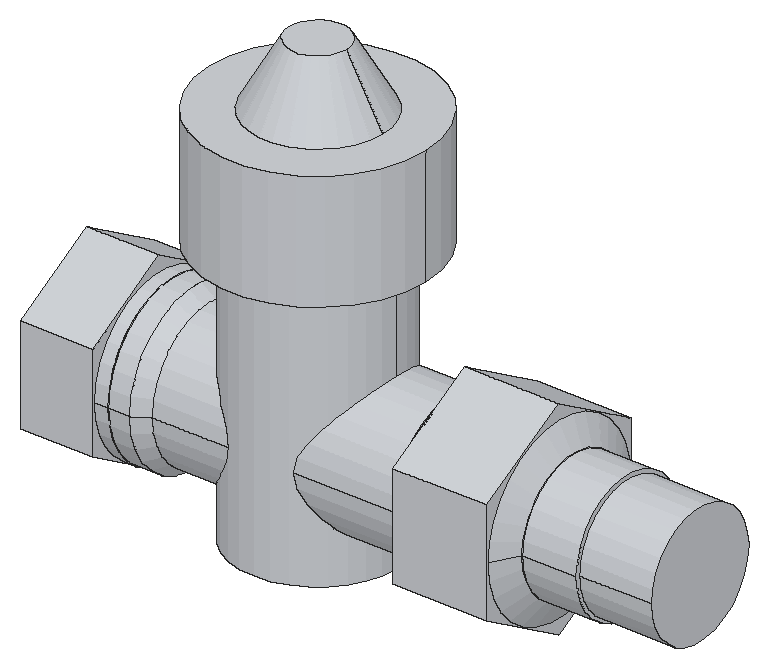
Revit family "Vario-DP_přímý_DN010_RFA_2019", category Pipe Accessories, Revit 2019
Family settings
  Round Connector Dimension = Use Diameter
  Part Type = Valve - Breaks Into
  Work Plane-Based = No
  Always vertical = Yes
  Cut with Voids When Loaded = No
  Shared = No
Parameters (values of type "Vario-DP přímý DN10")
  magiProductId = "cff3df26e6cf48da84c7a4aeae022f"
  magiProductFamilyId = "9a3b6d3dc30f4d82b1fd8b50564aa5"
  magiPartTypeId = 303
  ang2D [instance] = 0.00°
  Z1 = 4 mm
  W2D = 10 mm
  VersionID = "2.0/2021.2.17.1/FRESE_RADCON_RAD_LO_SHI_S_201"
  VIS0 = no
  Use Minimum Symbol Size [instance] = no
  URL = "www.hydronix.cz"
  Type Comments = "Termostatický radiátorový ventil s integrovaným omezovačem průtoku; přímý; závitový, PN10; +0~+90°C; pracovní dp 15-70kPa; max. síla pohonu 120N; připojení hlavice: M30x1,5"
  TL__ve = -TL  # -10.1 mm
  TL = 10.1 mm
  SW_2 = no
  SW_1 = yes
  SW2_LLDONLY = and(SW2, LLDONLY)  # no
  SW2_LLDAndHLD = and(SW2, LLDAndHLD)  # no
  SW2_ENBL350 = and(SW2, ENBL350)  # no
  SW22 = no
  SW2 = no
  SW1_LLDONLY = and(SW1, LLDONLY)  # yes
  SW1_ENBL350 = and(SW1, ENBL350)  # no
  SW11 = no
  SW1 = yes
  SW = yes
  RT_1 = 11.35 mm
  RT_01 = 7.5 mm
  RT_0 = 9 mm
  RTX = 1.35 mm
  RT4 = 8.85 mm
  RT22 = 14.35 mm
  RT2 = 11 mm
  RT1 = 13.35 mm
  RT0X = 8.5 mm
  RT02 = 12.35 mm
  RT01 = 9 mm
  RT00 = 6 mm
  RT0 = 10 mm
  RT = 8.35 mm
  RR = 5 mm
  QmdConnectorList = "301;D;302;D"
  Productdata [instance] = ""
  Manufacturer = "Hydronix"
  MC Use Limits From Balancing Method = no
  MC Throttling Minimum Value = 0
  MC Throttling Maximum Value = 0
  MC Product Code = "VARIO-DP; přímý DN10; (obj.č.: 161010100); dpmin=15kPa; dpmax: 70kPa;; rozsah nastavení 20-340l/h"
  MC Pressure Drop Minimum Value = 0.0 Pa
  MC Pressure Drop Maximum Value = 0.0 Pa
  MC Enable LOD 350 = no
  MC Enable LOD 200 = no
  L_2 = 37.5 mm
  L_ = 75 mm
  LT = 85 mm
  LP = 7.5 mm
  LLDONLY = not(BBVIS)  # yes
  LLDAndHLD = and(or(LLDONLY, MC Enable LOD 350), not(BBVIS))  # yes
  L2D_Min = 30.48 mm
  L2D = 75 mm
  L22__ve = -L22  # -13 mm
  L22 = 13 mm
  L2 = 10 mm
  L1__ve = -L1  # -7.5 mm
  L1 = 7.5 mm
  L = 75 mm
  HS = 16.25 mm
  H = 23 mm
  ENBL350 = and(MC Enable LOD 350, not(BBVIS))  # no
  Description = "Termostatický radiátorový ventil s omezovačem max. průtoku; DN10; rozsah nastavení omezovače max. průtok: 20-340l/h"
  DT = 16.7 mm
  DS3 = 4 mm
  DS2 = 9 mm
  DS1 = 15 mm
  D = 10 mm
  CenSd_RT22_6 = RT22 * cos(30.00°)  # 12.427 mm
  CenSd_RT1_6 = RT1 * cos(30.00°)  # 11.561 mm
  CenSd_RT0X_6 = RT0X * cos(30.00°)  # 7.361 mm
  CAT0 = yes
  CAT = no
  C = 32 mm
  BZ = 48 mm
  BY = 16 mm
  BBVIS = MC Enable LOD 200  # no
Types (3, lengths in mm): name | magiProductId | Z1 | W2D | TL__ve | TL | RT_1 | RTX | RT4 | RT22 | RT1 | RT02 | RT | MC Product Code | L_2 | L_ | LT | LP | L2D | L | Description | DT | D | CenSd_RT22_6 | CenSd_RT1_6 | C | BY
  Vario-DP přímý DN10 | "cff3df26e6cf48da84c7a4aeae022f" | 4 | 10 | -10.1 | 10.1 | 11.35 | 1.35 | 8.85 | 14.35 | 13.35 | 12.35 | 8.35 | "VARIO-DP; přímý DN10; (obj.č.: 161010100); dpmin=15kPa; dpmax: 70kPa;; rozsah nastavení 20-340l/h" | 37.5 | 75 | 85 | 7.5 | 75 | 75 | "Termostatický radiátorový ventil s omezovačem max. průtoku; DN10; rozsah nastavení omezovače max. průtok: 20-340l/h" | 16.7 | 10 | 12.427 | 11.561 | 32 | 16
  Vario-DP přímý DN20 | "65e4e24176f04ec8add0c08a0806a3" | 7 | 20 | -14.5 | 14.5 | 16.2 | 6.2 | 13.7 | 19.2 | 18.2 | 15.7 | 13.2 | "VARIO-DP; přímý DN20; (obj.č.: 161030100); dpmin=15kPa; dpmax: 70kPa;; rozsah nastavení 20-340l/h" | 45.75 | 91.5 | 106 | 9.15 | 91.5 | 91.5 | "Termostatický radiátorový ventil s omezovačem max. průtoku; DN20; rozsah nastavení omezovače max. průtok: 20-340l/h" | 26.4 | 20 | 16.628 | 15.762 | 40 | 19.2
  Vario-DP přímý DN15 | "86c7649ae082497d8c558b15a6d69e" | 5 | 15 | -13.2 | 13.2 | 13.5 | 3.5 | 11 | 16.5 | 15.5 | 14.5 | 10.5 | "VARIO-DP; přímý DN15; (obj.č.: 161020100); dpmin=15kPa; dpmax: 70kPa;; rozsah nastavení 20-340l/h" | 40.9 | 81.8 | 95 | 8.18 | 81.8 | 81.8 | "Termostatický radiátorový ventil s omezovačem max. průtoku; DN15; rozsah nastavení omezovače max. průtok: 20-340l/h" | 21 | 15 | 14.289 | 13.423 | 36 | 16
Reference planes
  plane 1 "Center (Front/Back)": y = 0
  plane 2 "XYPLANE": z = 0
  plane 3 "Center (Left/Right)": x = 0
  plane 4 "196": z = -14
  plane 5 "195": z = -10
  plane 6 "194": x = -16.5
  plane 7 "193": x = -10.5
  plane 8 "186": x = -25.5
  plane 9 "179": y = 11.35
  plane 10 "178": y = 10
  plane 11 "177": x = -20.5
  plane 12 "176": x = -22.5
  plane 13 "175": x = -27.5
  plane 14 "173": x = 0
  plane 15 "172": x = -37.5
  plane 16 "170": z = 18
  plane 17 "152": z = 48
  plane 18 "139": z = 2
  plane 19 "129": z = 13
  plane 20 "116": z = 39.25
  plane 21 "73": y = -16
  plane 22 "72": y = 16
  plane 23 "68": z = 48
  plane 24 "54": z = 20
  plane 25 "41": z = 23
  plane 26 "36": x = 37.5
  plane 27 "34": x = 12.9
  plane 28 "33": x = 14.9
  plane 29 "24": x = 27.9
  plane 30 "23": x = 29.9
  plane 31 "9": x = 37.4
  plane 32 "8": x = 47.5
  plane 33 "7": z = -14.35
  plane 34 "3": y = 0
  plane 35 "2": x = -5.5
  plane 36 "1": z = 0
Forms (mm)
  Blend 1, solid, visible <- "LLDAndHLD"
    base sketch origin (-20.5, -750, 0) x (0, 1, 0) y (0, 0, 1)
      loop
        circle (750, 0) r 10
    top sketch origin (-20.5, -750, 0) x (0, 1, 0) y (0, 0, 1)
      loop
        circle (750, 0) r 10
    from 0 to 33.4
  Extrusion 2, solid, visible <- "ENBL350"
    sketch origin (-750, 0, -14) x (1, 0, 0) y (0, 1, 0)
      loop
        circle (744.5, 0) r 5
    from 0 to 4 <- "Z1"
  Revolve 3, solid, visible <- "ENBL350"
    sketch origin (-10.5, 0, 0) x (0, 0, 1) y (1, 0, 0)
      loop
        line (0, 0) -> (-14, 0)
        arc (-14, 0) -> (-8.97, -7.596) -> (0, -6) r 8.3
        line (0, -6) -> (0, 0)
      axis (-14, 5) -> (0, 5)
    angle from 0 to -360
  Blend 4, solid, visible <- "LLDAndHLD"
    base sketch origin (-27.5, -750, 0) x (0, 1, 0) y (0, 0, 1)
      loop
        circle (750, 0) r 11.35
    top sketch origin (-27.5, -750, 0) x (0, 1, 0) y (0, 0, 1)
      loop
        circle (750, 0) r 11.35
    from 0 to 2
  Blend 5, solid, visible <- "SW2_ENBL350"
    base sketch origin (-750, 0, 20) x (1, 0, 0) y (0, 1, 0)
      loop
        circle (744.5, 0) r 7.5
    top sketch origin (-750, 0, 20) x (1, 0, 0) y (0, 1, 0)
      loop
        circle (744.5, 0) r 10
    from 0 to -2
  Blend 6, solid, visible <- "SW1_ENBL350"
    base sketch origin (-750, 0, 23) x (1, 0, 0) y (0, 1, 0)
      loop
        circle (744.5, 0) r 11
    top sketch origin (-750, 0, 23) x (1, 0, 0) y (0, 1, 0)
      loop
        circle (744.5, 0) r 11
    from 0 to -23
  Revolve 7, solid, visible <- "LLDAndHLD"
    sketch origin (-25.5, 10, 0) x (1, 0, 0) y (0, 1, 0)
      loop
        line (0, 0) -> (5, 0) -> (3, 1.35) -> (0, 1.35) -> (0, 0)
      axis (5, -10) -> (0, -10)
    angle from 0 to -360
  Blend 8, solid, visible <- "SW2_LLDONLY"
    base sketch origin (-750, 0, -14) x (1, 0, 0) y (0, 1, 0)
      loop
        circle (744.5, 0) r 10
    top sketch origin (-750, 0, -14) x (1, 0, 0) y (0, 1, 0)
      loop
        circle (744.5, 0) r 10
    from 0 to 34
  Blend 9, solid, visible <- "SW2_ENBL350"
    base sketch origin (-750, 0, 13) x (1, 0, 0) y (0, 1, 0)
      loop
        circle (744.5, 0) r 9
    top sketch origin (-750, 0, 13) x (1, 0, 0) y (0, 1, 0)
      loop
        circle (744.5, 0) r 9
    from 0 to -11
  Extrusion 10, solid, visible <- "SW2_ENBL350"
    sketch origin (-750, 0, 18) x (1, 0, 0) y (0, 1, 0)
      loop
        circle (744.5, 0) r 10
    from 0 to -5
  Extrusion 11, solid, visible <- "SW2_LLDAndHLD"
    sketch origin (-750, 0, 23) x (1, 0, 0) y (0, 1, 0)
      loop
        line (753, 0) -> (748.75, 7.361) -> (740.25, 7.361) -> (736, 0) -> (740.25, -7.361) -> (748.75, -7.361) -> (753, 0)
    from 0 to -3
  Blend 12, solid, visible <- "SW1_LLDONLY"
    base sketch origin (-750, 0, -14) x (1, 0, 0) y (0, 1, 0)
      loop
        circle (744.5, 0) r 11
    top sketch origin (-750, 0, -14) x (1, 0, 0) y (0, 1, 0)
      loop
        circle (744.5, 0) r 11
    from 0 to 37
  Blend 13, solid, visible <- "SW1_LLDONLY"
    base sketch origin (-750, 0, 48) x (1, 0, 0) y (0, 1, 0)
      loop
        circle (744.5, 0) r 4
    top sketch origin (-750, 0, 48) x (1, 0, 0) y (0, 1, 0)
      loop
        circle (744.5, 0) r 9
    from 0 to -8.75
  Blend 14, solid, visible <- "BBVIS"
    base sketch origin (-750, 0, 48) x (1, 0, 0) y (0, 1, 0)
      loop
        line (712.5, -16) -> (797.5, -16) -> (797.5, 16) -> (712.5, 16) -> (712.5, -16)
    top sketch origin (-750, 0, 48) x (1, 0, 0) y (0, 1, 0)
      loop
        line (712.5, -16) -> (797.5, -16) -> (797.5, 16) -> (712.5, 16) -> (712.5, -16)
    from 0 to -62.35
  Extrusion 15, solid, visible <- "SW1_LLDONLY"
    sketch origin (-750, 0, 23) x (1, 0, 0) y (0, 1, 0)
      loop
        circle (744.5, 0) r 15
    from 0 to 16.25 <- "HS"
  Extrusion 16, solid, visible <- "LLDAndHLD"
    sketch origin (47.5, -750, 0) x (0, 1, 0) y (0, 0, 1)
      loop
        circle (750, 0) r 8.35
    from 0 to -10.1 <- "TL__ve"
  Blend 17, solid, visible <- "LLDAndHLD"
    base sketch origin (14.9, -750, 0) x (0, 1, 0) y (0, 0, 1)
      loop
        circle (750, 0) r 12.35
    top sketch origin (14.9, -750, 0) x (0, 1, 0) y (0, 0, 1)
      loop
        circle (750, 0) r 10
    from 0 to -2
  Extrusion 18, solid, visible <- "LLDAndHLD"
    sketch origin (27.9, -750, 0) x (0, 1, 0) y (0, 0, 1)
      loop
        line (750, 14.35) -> (737.573, 7.175) -> (737.573, -7.175) -> (750, -14.35) -> (762.427, -7.175) -> (762.427, 7.175) -> (750, 14.35)
    from 0 to -13 <- "L22__ve"
  Blend 19, solid, visible <- "LLDAndHLD"
    base sketch origin (29.9, -750, 0) x (0, 1, 0) y (0, 0, 1)
      loop
        circle (750, 0) r 8.85
    top sketch origin (29.9, -750, 0) x (0, 1, 0) y (0, 0, 1)
      loop
        circle (750, 0) r 12.35
    from 0 to -2
  Extrusion 20, solid, visible <- "LLDAndHLD"
    sketch origin (37.4, -750, 0) x (0, 1, 0) y (0, 0, 1)
      loop
        circle (750, 0) r 8.85
    from 0 to -7.5 <- "L1__ve"
  Extrusion 21, solid, visible <- "LLDAndHLD"
    sketch origin (-37.5, -750, 0) x (0, 1, 0) y (0, 0, 1)
      loop
        line (750, -13.35) -> (761.561, -6.675) -> (761.561, 6.675) -> (750, 13.35) -> (738.439, 6.675) -> (738.439, -6.675) -> (750, -13.35)
    from 0 to 10 <- "L2"
  Extrusion 22, solid, not visible
    sketch origin (-37.5, -750, 0) x (0, 1, 0) y (0, 0, 1)
      loop
        circle (750, 0) r 10
    from 0 to 10
  Extrusion 23, solid, not visible
    sketch origin (37.5, -750, 0) x (0, 1, 0) y (0, 0, 1)
      loop
        circle (750, 0) r 10
    from 0 to -10
Lines and regions (mm)
  reference lines, not visible
    curve 1: circle (2, 2, 0) r 1 normal (0, 0, 1)
  reference lines
    curve 2: line (-16.5, 0, 0) -> (-10.5, 0, -14)
    curve 3: line (-5.5, 0, 23) -> (-7.625, 3.681, 23)
    curve 4: line (-5.5, 0, 23) -> (-9.75, 0, 23)
    curve 5: line (-5.5, 0, 23) -> (-7.625, -3.681, 23)
    curve 6: line (27.9, 0, 0) -> (27.9, 6.214, -3.588)
    curve 7: line (27.9, 0, 0) -> (27.9, 0, -7.175)
    curve 8: line (27.9, 0, 0) -> (27.9, -6.214, -3.588)
    curve 9: line (-37.5, 0, 0) -> (-37.5, 5.781, 3.338)
    curve 10: line (-37.5, 0, 0) -> (-37.5, 0, 6.675)
    curve 11: line (-37.5, 0, 0) -> (-37.5, -5.781, 3.338)
Dimensions and locks
  plane 1 "Center (Front/Back)" to curve 1 = 2 mm
  "Z1": plane 5 "195" to plane 4 "196"
  "RT0": plane 36 "1" to plane 5 "195"
  "RT00": plane 7 "193" to plane 6 "194"
  locked: plane 35 "2" to plane 7 "193" at 5
  locked: plane 13 "175" to plane 8 "186" at 2
  "RTX": plane 10 "178" to plane 9 "179"
  "RT0": plane 34 "3" to plane 10 "178"
  locked: plane 12 "176" to plane 11 "177" at 2
  locked: plane 8 "186" to plane 12 "176" at 3
  "L2": plane 15 "172" to plane 13 "175"
  locked: plane 3 "Center (Left/Right)" to plane 14 "173"
  "L_2": plane 14 "173" to plane 15 "172"
  locked: plane 24 "54" to plane 16 "170" at 2
  "BZ": plane 36 "1" to plane 17 "152"
  locked: plane 36 "1" to plane 18 "139" at 2
  locked: plane 16 "170" to plane 19 "129" at 5
  locked: plane 23 "68" to plane 20 "116" at 8.75
  "BY": plane 34 "3" to plane 21 "73"
  "BY": plane 34 "3" to plane 22 "72"
  locked: plane 25 "41" to plane 23 "68" at 25
  locked: plane 25 "41" to plane 24 "54" at 3
  "H": plane 36 "1" to plane 25 "41"
  "L_": plane 15 "172" to plane 26 "36"
  locked: plane 28 "33" to plane 27 "34" at 2
  "L22": plane 29 "24" to plane 28 "33"
  locked: plane 30 "23" to plane 29 "24" at 2
  "L1": plane 31 "9" to plane 30 "23"
  "TL": plane 32 "8" to plane 31 "9"
  "LT": plane 15 "172" to plane 32 "8"
  "RT22": plane 36 "1" to plane 33 "7"
  locked: plane 1 "Center (Front/Back)" to plane 34 "3"
  "C": plane 15 "172" to plane 35 "2"
  locked: plane 2 "XYPLANE" to plane 36 "1"
  "RR": curve 2 to Revolve 3 sketch curve
  Revolve 3 sketch curve to Revolve 3 sketch curve = 0 mm  (x6)
  Revolve 7 sketch curve to Revolve 7 sketch curve = 0 mm  (x8)
  "CenSd_RT0X_6": curve 3 to Extrusion 11 sketch curve  (x2)
  "CenSd_RT0X_6": curve 4 to Extrusion 11 sketch curve  (x2)
  "CenSd_RT0X_6": curve 5 to Extrusion 11 sketch curve  (x2)
  Extrusion 11 sketch curve to Extrusion 11 sketch curve = 0 mm  (x12)
  Blend 14 sketch curve to Blend 14 sketch curve = 0 mm  (x16)
  "CenSd_RT22_6": curve 6 to Extrusion 18 sketch curve  (x2)
  "CenSd_RT22_6": curve 7 to Extrusion 18 sketch curve  (x2)
  "CenSd_RT22_6": curve 8 to Extrusion 18 sketch curve  (x2)
  Extrusion 18 sketch curve to Extrusion 18 sketch curve = 0 mm  (x12)
  "CenSd_RT1_6": curve 9 to Extrusion 21 sketch curve  (x2)
  "CenSd_RT1_6": curve 10 to Extrusion 21 sketch curve  (x2)
  "CenSd_RT1_6": curve 11 to Extrusion 21 sketch curve  (x2)
  Extrusion 21 sketch curve to Extrusion 21 sketch curve = 0 mm  (x12)
  "RT0": radius of Blend 1 sketch curve  (x2)
  "RR": radius of Extrusion 2 sketch curve
  "RT_1": radius of Blend 4 sketch curve  (x2)
  "RT0": radius of Blend 5 sketch curve
  "RT_01": radius of Blend 5 sketch curve
  "RT2": radius of Blend 6 sketch curve  (x2)
  "RT0": radius of Blend 8 sketch curve  (x2)
  "RT01": radius of Blend 9 sketch curve
  "RT_0": radius of Blend 9 sketch curve
  "RT0": radius of Extrusion 10 sketch curve
  "RT2": radius of Blend 12 sketch curve  (x2)
  "DS2": radius of Blend 13 sketch curve
  "DS3": radius of Blend 13 sketch curve
  "DS1": radius of Extrusion 15 sketch curve
  "RT": radius of Extrusion 16 sketch curve
  "RT0": radius of Blend 17 sketch curve
  "RT02": radius of Blend 17 sketch curve
  "RT02": radius of Blend 19 sketch curve
  "RT4": radius of Blend 19 sketch curve
  "RT4": radius of Extrusion 20 sketch curve
  locked: curve 4 to curve 3 (angle 60.00°)
  locked: curve 5 to curve 4 (angle 60.00°)
  locked: curve 5 to curve 3 (angle 120.00°)
  locked: curve 7 to curve 6 (angle 60.00°)
  locked: curve 8 to curve 7 (angle 60.00°)
  locked: curve 8 to curve 6 (angle 120.00°)
  locked: curve 10 to curve 9 (angle 60.00°)
  locked: curve 11 to curve 10 (angle 60.00°)
  locked: curve 11 to curve 9 (angle 120.00°)
  aligned and locked: level to plane 2 "XYPLANE"
  aligned and locked: Blend 1 sketch curve to plane 34 "3"  (x2)
  aligned and locked: plane 36 "1" to Blend 1 sketch curve  (x2)
  aligned and locked: plane 27 "34" to Blend 1
  aligned and locked: plane 34 "3" to Extrusion 2 sketch curve
  aligned and locked: plane 35 "2" to Extrusion 2 sketch curve
  aligned and locked: plane 36 "1" to Revolve 3 sketch curve  (x2)
  aligned and locked: Revolve 3 sketch curve to plane 7 "193"  (x2)
  aligned and locked: Revolve 3 sketch curve to plane 6 "194"
  aligned and locked: curve 2 to plane 6 "194"
  aligned and locked: plane 36 "1" to curve 2
  aligned and locked: plane 4 "196" to curve 2
  aligned and locked: curve 2 to plane 7 "193"
  aligned and locked: plane 4 "196" to Revolve 3 sketch curve  (x2)
  aligned and locked: Revolve 3 sketch curve to plane 35 "2"
  aligned and locked: Blend 4 sketch curve to plane 34 "3"  (x2)
  aligned and locked: plane 36 "1" to Blend 4 sketch curve  (x2)
  aligned and locked: plane 8 "186" to Blend 4
  aligned and locked: plane 34 "3" to Blend 5 sketch curve  (x2)
  aligned and locked: plane 35 "2" to Blend 5 sketch curve  (x2)
  aligned and locked: Blend 5 to plane 16 "170"
  aligned and locked: plane 34 "3" to Blend 6 sketch curve  (x2)
  aligned and locked: plane 35 "2" to Blend 6 sketch curve  (x2)
  aligned and locked: Blend 6 to plane 36 "1"
  aligned and locked: plane 8 "186" to Revolve 7 sketch curve  (x3)
  aligned and locked: plane 10 "178" to Revolve 7 sketch curve  (x2)
  aligned and locked: plane 9 "179" to Revolve 7 sketch curve  (x2)
  aligned and locked: plane 12 "176" to Revolve 7 sketch curve
  aligned and locked: plane 11 "177" to Revolve 7 sketch curve  (x2)
  aligned and locked: plane 34 "3" to Blend 8 sketch curve  (x2)
  aligned and locked: plane 35 "2" to Blend 8 sketch curve  (x2)
  aligned and locked: plane 24 "54" to Blend 8
  aligned and locked: plane 34 "3" to Blend 9 sketch curve  (x2)
  aligned and locked: plane 35 "2" to Blend 9 sketch curve  (x2)
  aligned and locked: Blend 9 to plane 18 "139"
  aligned and locked: plane 34 "3" to Extrusion 10 sketch curve
  aligned and locked: plane 35 "2" to Extrusion 10 sketch curve
  aligned and locked: plane 34 "3" to curve 5
  aligned and locked: plane 35 "2" to curve 5
  aligned and locked: plane 34 "3" to Blend 12 sketch curve  (x2)
  aligned and locked: plane 35 "2" to Blend 12 sketch curve  (x2)
  aligned and locked: plane 25 "41" to Blend 12
  aligned and locked: plane 34 "3" to Blend 13 sketch curve  (x2)
  aligned and locked: plane 35 "2" to Blend 13 sketch curve  (x2)
  aligned and locked: Blend 13 to plane 20 "116"
  aligned and locked: plane 15 "172" to Blend 14 sketch curve  (x4)
  aligned and locked: plane 21 "73" to Blend 14 sketch curve  (x4)
  aligned and locked: plane 22 "72" to Blend 14 sketch curve  (x4)
  aligned and locked: plane 32 "8" to Blend 14 sketch curve  (x4)
  aligned and locked: Blend 14 to plane 33 "7"
  aligned and locked: plane 34 "3" to Extrusion 15 sketch curve
  aligned and locked: plane 35 "2" to Extrusion 15 sketch curve
  aligned and locked: Extrusion 16 sketch curve to plane 34 "3"
  aligned and locked: plane 36 "1" to Extrusion 16 sketch curve
  aligned and locked: Blend 17 sketch curve to plane 34 "3"  (x2)
  aligned and locked: plane 36 "1" to Blend 17 sketch curve  (x2)
  aligned and locked: Blend 17 to plane 27 "34"
  aligned and locked: curve 8 to plane 34 "3"
  aligned and locked: plane 36 "1" to curve 8
  aligned and locked: Blend 19 sketch curve to plane 34 "3"  (x2)
  aligned and locked: plane 36 "1" to Blend 19 sketch curve  (x2)
  aligned and locked: Blend 19 to plane 29 "24"
  aligned and locked: Extrusion 20 sketch curve to plane 34 "3"
  aligned and locked: plane 36 "1" to Extrusion 20 sketch curve
  aligned and locked: curve 11 to plane 34 "3"
  aligned and locked: plane 36 "1" to curve 11
  aligned and locked: Extrusion 22 sketch curve to plane 34 "3"
  aligned and locked: plane 36 "1" to Extrusion 22 sketch curve
  aligned and locked: Extrusion 23 sketch curve to plane 34 "3"
  aligned and locked: plane 36 "1" to Extrusion 23 sketch curve
  aligned and locked: plane 34 "3" to nested 1
  aligned and locked: plane 35 "2" to nested 1
Automatic sketch dimensions
  plane 1 "Center (Front/Back)" to Revolve 7 sketch curve = 0 mm
  Extrusion 22 sketch curve to plane 10 "178" = 0 mm
  Extrusion 23 sketch curve to plane 10 "178" = 0 mm
  plane 3 "Center (Left/Right)" to curve 1 = 2 mm
  radius of curve 1 = 1 mm
Nested families
  nested 1: "0_2" at (-5.5, 0, 23) x (0, -1, 0) z (0, 0, 1), visible <- "SW1", type "Size1"
    with VIS0 no, ModelLinesVisible no, H33 11.35 mm, H3 11.25 mm, H2 8.75 mm, H1 5 mm, H 25 mm, DX 13 mm, D3 4 mm, D2 9 mm, D1 15 mm, D 16 mm, CAT no
Connectors
  piping at (-37.5, 0, 0), diameter 10, driven by "D"
    settings: on Extrusion 22, index 1, connector inside diameter 609.6 mm, connector length 0 mm, flow factor 0, pipe flow 0.0 L/s, pressure drop 0.0 Pa, fitting loss kfactor 0, connector angle 0.00°, fixture units 0, engagement length 0 mm, angle of deflection 0.00°, flow configuration 0, flow direction 0, fitting loss method 0, system type 29, joint type 0, gender type 0, connector reference index 2, connector utility 0, adjustable connector no, is connector primary yes, connector description ""
  piping at (37.5, 0, 0), diameter 10, driven by "D"
    settings: on Extrusion 23, index 2, connector inside diameter 609.6 mm, connector length 0 mm, flow factor 0, pipe flow 0.0 L/s, pressure drop 0.0 Pa, fitting loss kfactor 0, connector angle 0.00°, fixture units 0, engagement length 0 mm, angle of deflection 0.00°, flow configuration 0, flow direction 0, fitting loss method 0, system type 29, joint type 0, gender type 0, connector reference index 1, connector utility 0, adjustable connector no, is connector primary no, connector description ""
